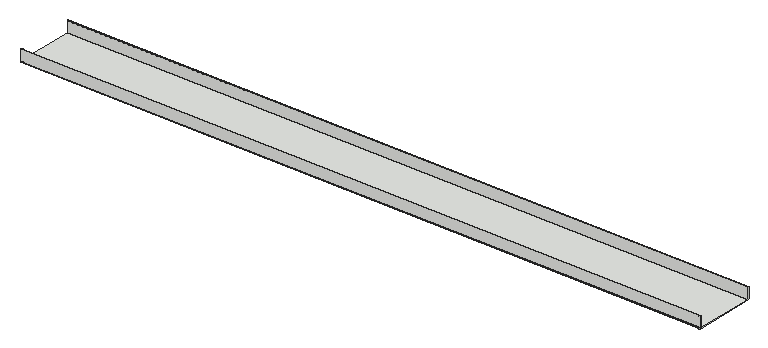
Revit family "PR625", category Mechanical Equipment, Revit 2018
Family settings
  Round Connector Dimension = Use Diameter
  Part Type = Normal
  OmniClass Number = 23.75.00.00
  OmniClass Title = Climate Control (HVAC)
  Work Plane-Based = No
  Always vertical = Yes
  Cut with Voids When Loaded = No
  Shared = No
  Room Calculation Point = No
Parameters (values of type "ISOLAMIN PR625 flashing")
  URL = "http://www.isolamin.se/"
  Thickness = "1 mm"
  Profile Length = 1180 mm
  Model = "PR625G"
  Material = "Galvanized Steel"
  Manufacturer = "ISOLAMIN AB"
  Edition = "1.0 (2018)"
Reference planes
  plane 1 "Center (Front/Back)": y = 0
  plane 2: z = 0
  plane 3 "Center (Left/Right)": x = 0
  plane 4: y = -1284.913
  plane 5: x = 1180
Forms (mm)
  Extrusion 1, solid, material "ISOLAMIN Surface Profile Material"
    sketch origin (0, 0, 0) x (0, 1, 0) y (0, 0, 1)
      loop
        line (-102, 1) -> (-102, 20) -> (-103, 20) -> (-103, 1)
        arc (-103, 1) -> (-102.707, 0.293) -> (-102, 0) r 1
        line (-102, 0) -> (-1, 0)
        arc (-1, 0) -> (-0.293, 0.293) -> (0, 1) r 1
        line (0, 1) -> (0, 20) -> (-1, 20) -> (-1, 1) -> (-102, 1)
    from 0 to 1180
Dimensions and locks
  "Profile Length": plane 3 "Center (Left/Right)" to plane 5
  aligned and locked: level to plane 2
  aligned and locked: plane 5 to Extrusion 1
Automatic sketch dimensions
  Extrusion 1 sketch curve to level = 0 mm
  Extrusion 1 sketch curve to plane 1 "Center (Front/Back)" = 0 mm
  plane 1 "Center (Front/Back)" to Extrusion 1 sketch curve = 1 mm  (x2)
  level to Extrusion 1 sketch curve = 1 mm
  Extrusion 1 sketch curve to Extrusion 1 sketch curve = 101 mm
  Extrusion 1 sketch curve to Extrusion 1 sketch curve = 0 mm
  Extrusion 1 sketch curve to Extrusion 1 sketch curve = 1 mm
  Extrusion 1 sketch curve to Extrusion 1 sketch curve = 19 mm  (x2)
